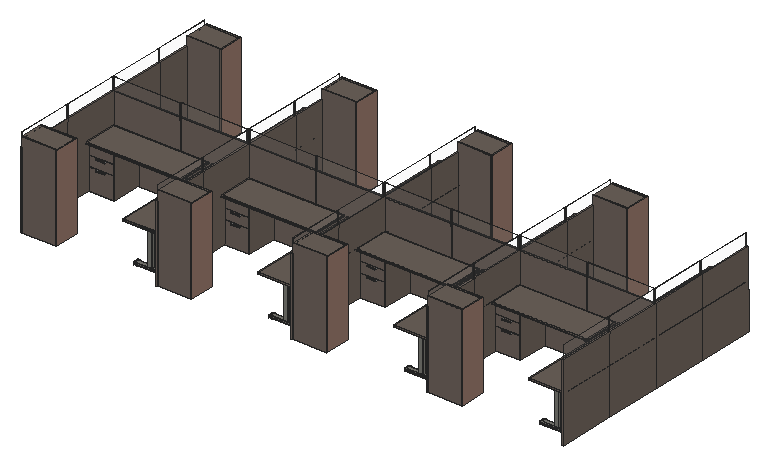
Revit family "OFS TYPICAL T200056", category Furniture, Revit 2022 (continued)
Definition of nested family "STAKS WORKSURFACE HEIGHT PEDESTAL - BOX-BOX-FILE - NO RISER SUPPORT"
  Parameters (values of type "STAKS WORKSURFACE HEIGHT PEDESTAL - BOX-BOX-FILE - NO RISER SUPPORT 19in D")
    URL = "http://www.ofs.com/"
    Riser Support = 0' - 0"
    Model = "6-NW1619MPD1"
    Manufacturer = "OFS"
    Height = 2' - 3 7/8"
    Drawer Material = none
    Drawer Handle Width = 0' - 5 7/16"
    Drawer Handle Material = none
    Description = "OFS STAKS WORKSURFACE HEIGHT PEDESTAL - BOX-BOX-FILE - NO RISER SUPPORT 19\" D, Two Box Drawers, Use with 22\"D Worksurfaces"
    Width = 1' - 3 5/8"
    Depth = 1' - 7 3/8"
    Default Elevation = 0' - 0"
    DH2 = 0' - 6 1/2"
    DH1 = 1' - 2 3/8"
    Copyright © = "© 2018 OFS"
    Chasis Material = none
    Catalog = "https://ofs.com/products/casegoods/private-office/staks"
    Board Thickness = 0' - 0 3/4"
    Authoring Version = "Autodesk Revit Architecture 2013"
    Assembly Code = "E2020200"
  Types (6): name | Model | Description | Depth
    STAKS WORKSURFACE HEIGHT PEDESTAL - BOX-BOX-FILE - NO RISER SUPPORT 19in D | "6-NW1619MPD1" | "OFS STAKS WORKSURFACE HEIGHT PEDESTAL - BOX-BOX-FILE - NO RISER SUPPORT 19\" D, Two Box Drawers, Use with 22\"D Worksurfaces" | 1' - 7 3/8"
    STAKS WORKSURFACE HEIGHT PEDESTAL - BOX-BOX-FILE - NO RISER SUPPORT 22in D | "6-NW1622MPD1" | "OFS STAKS WORKSURFACE HEIGHT PEDESTAL - BOX-BOX-FILE - NO RISER SUPPORT 22\" D, Two Box Drawers, Use with 22\"D Worksurfaces" | 1' - 9 7/8"
    STAKS WORKSURFACE HEIGHT PEDESTAL - BOX-BOX-FILE - NO RISER SUPPORT 27in D | "6-NW1627MPD1" | "OFS STAKS WORKSURFACE HEIGHT PEDESTAL - BOX-BOX-FILE - NO RISER SUPPORT 27\" D, Two Box Drawers, Use with 30\"D Worksurfaces" | 2' - 3 3/8"
    STAKS WORKSURFACE HEIGHT PEDESTAL - BOX-BOX-FILE - NO RISER SUPPORT 30in D | "6-NW1630MPD1" | "OFS STAKS WORKSURFACE HEIGHT PEDESTAL - BOX-BOX-FILE - NO RISER SUPPORT 30\" D, Two Box Drawers, Use with 30\"D Worksurfaces" | 2' - 5 7/8"
    STAKS WORKSURFACE HEIGHT PEDESTAL - BOX-BOX-FILE - NO RISER SUPPORT 33in D | "6-NW1633MPD1" | "OFS STAKS WORKSURFACE HEIGHT PEDESTAL - BOX-BOX-FILE - NO RISER SUPPORT 33\" D, Two Box Drawers, Use with 36\"D Worksurfaces" | 2' - 9 3/8"
    STAKS WORKSURFACE HEIGHT PEDESTAL - BOX-BOX-FILE - NO RISER SUPPORT 36in D | "6-NW1636MPD1" | "OFS STAKS WORKSURFACE HEIGHT PEDESTAL - BOX-BOX-FILE - NO RISER SUPPORT 36\" D, Two Box Drawers, Use with 36\"D Worksurfaces" | 2' - 11 7/8"
  Reference planes (in)
    plane 1: z = 0
    plane 2 "Right": x = 20.97711
    plane 3: z = 27.875
    plane 4: z = 14.375
    plane 5: z = 14.25
    plane 6: z = 0
    plane 7: z = 14
    plane 8: z = 27.625
    plane 9: z = 13.531
    plane 10: z = 27.15625
    plane 11: x = 13.16461
    plane 12: y = 1.37535
    plane 13: y = 0.62535
    plane 14: x = 13.22711
    plane 15: x = 28.72661
    plane 16: x = 13.91461
    plane 17: y = 20.00035
    plane 18: x = 28.78961
    plane 19: x = 28.03961
    plane 20: x = 18.25836
    plane 21: x = 18.63336
    plane 22: x = 23.69586
    plane 23: x = 23.32086
    plane 24: y = -0.18715
    plane 25: y = -0.37465
    plane 26: z = 20.875
    plane 27: z = 20.75
    plane 28: z = 20.5
    plane 29: z = 20.031
    plane 30: z = 0.25
    plane 31: y = 19.25035
    plane 32: z = 0.75
    plane 33: y = 16.75035
    plane 34: y = 4.37535
    plane 35: y = 8.37535
    plane 36: y = 12.75035
    plane 37: y = 5.00035
    plane 38: y = 13.37535
    plane 39: z = 28
  Forms (in)
    Extrusion 1, solid, material <- "Drawer Material"
      sketch origin (20.35211, 5, -13.1802) x (0, 1, 0) y (0, 0, 1)
        loop
          line (-4.37465, 27.4302) -> (-4.37465, 13.4302) -> (-3.62465, 13.4302) -> (-3.62465, 27.4302) -> (-4.37465, 27.4302)
      from -7.125 to 8.3745
    Extrusion 2, solid, material <- "Drawer Material"
      sketch origin (20.35211, 2.25, -7.68015) x (0, 1, 0) y (0, 0, 1)
        loop
          line (-1.62465, 28.43015) -> (-1.62465, 22.05515) -> (-0.87465, 22.05515) -> (-0.87465, 28.43015) -> (-1.62465, 28.43015)
      from -7.125 to 8.3745
    Extrusion 3, solid, material <- "Chasis Material"
      sketch origin (-3, -1.24965, 0) x (1, 0, 0) y (0, 0, 1)
        loop
          line (16.16461, 0) -> (16.91461, 0) -> (16.91461, 27.875) -> (16.16461, 27.875) -> (16.16461, 0)
      from -21.25 to -2.625
    Extrusion 4, solid, material <- "Chasis Material"
      sketch origin (19.35211, 31.02324, 0) x (0, 1, 0) y (0, 0, 1)
        loop
          line (-11.77289, 0) -> (-11.02289, 0) -> (-11.02289, 27.875) -> (-11.77289, 27.875) -> (-11.77289, 0)
      from -5.4375 to 8.6875
    Extrusion 5, solid, material <- "Drawer Handle Material"
      sketch origin (9, 0, 9.60933) x (1, 0, 0) y (0, 1, 0)
        loop
          line (9.25836, 0.62535) -> (9.25836, -0.37465) -> (14.69586, -0.37465) -> (14.69586, 0.62535) -> (14.32086, 0.62535) -> (14.32086, -0.18715) -> (9.63336, -0.18715) -> (9.63336, 0.62535) -> (9.25836, 0.62535)
      from 3.92167 to 4.39067
    Extrusion 6, solid, material <- "Drawer Handle Material"
      sketch origin (9, 0, 20.67137) x (1, 0, 0) y (0, 1, 0)
        loop
          line (9.25836, 0.62535) -> (9.25836, -0.37465) -> (14.69586, -0.37465) -> (14.69586, 0.62535) -> (14.32086, 0.62535) -> (14.32086, -0.18715) -> (9.63336, -0.18715) -> (9.63336, 0.62535) -> (9.25836, 0.62535)
      from -0.64037 to -0.17137
    Extrusion 7, solid, material <- "Chasis Material"
      sketch origin (0, 0, 0) x (1, 0, 0) y (0, 1, 0)
        loop
          line (28.78961, 20.00035) -> (28.03961, 20.00035) -> (28.03961, 1.37535) -> (28.78961, 1.37535) -> (28.78961, 20.00035)
      from 0 to 27.875
    Extrusion 8, solid, material <- "Drawer Material"
      sketch origin (20.35211, 2.25, 0.06985) x (0, 1, 0) y (0, 0, 1)
        loop
          line (-1.62465, 27.80515) -> (-1.62465, 20.80515) -> (-0.87465, 20.80515) -> (-0.87465, 27.80515) -> (-1.62465, 27.80515)
      from -7.125 to 8.3745
    Extrusion 9, solid, material <- "Drawer Handle Material"
      sketch origin (9, 0, 28.42137) x (1, 0, 0) y (0, 1, 0)
        loop
          line (9.25836, 0.62535) -> (9.25836, -0.37465) -> (14.69586, -0.37465) -> (14.69586, 0.62535) -> (14.32086, 0.62535) -> (14.32086, -0.18715) -> (9.63336, -0.18715) -> (9.63336, 0.62535) -> (9.25836, 0.62535)
      from -1.26512 to -0.79637
    Extrusion 10, solid, material <- "Chasis Material"
      sketch origin (-29.79592, -1.62465, 7.24693) x (1, 0, 0) y (0, 0, 1)
        loop
          line (43.71054, 19.90932) -> (57.83554, 19.90932) -> (57.83554, 20.62807) -> (43.71054, 20.62807) -> (43.71054, 19.90932)
      from -18.375 to -14.375
    Extrusion 11, solid, material <- "Chasis Material"
      sketch origin (-29.79592, -7.12465, 7.24693) x (1, 0, 0) y (0, 0, 1)
        loop
          line (43.71054, 19.90932) -> (57.83554, 19.90932) -> (57.83554, 20.62807) -> (43.71054, 20.62807) -> (43.71054, 19.90932)
      from -15.5 to -11.5
    Extrusion 12, solid, material <- "Chasis Material"
      sketch origin (-31.5409, -1.62465, -42.72261) x (1, 0, 0) y (0, 0, 1)
        loop
          line (45.45551, 42.72261) -> (59.58051, 42.72261) -> (59.58051, 43.47261) -> (45.45551, 43.47261) -> (45.45551, 42.72261)
      from -20.875 to -3
    Extrusion 13, solid
      sketch origin (0, 0, 0) x (1, 0, 0) y (0, 1, 0)
        loop
          line (28.72661, 20.00035) -> (28.03961, 20.00035) -> (28.03961, 13.37535) -> (13.91461, 13.37535) -> (13.91461, 20.00035) -> (13.22711, 20.00035) -> (13.22711, 0.62535) -> (13.91461, 0.62535) -> (13.91461, 4.37535) -> (28.03961, 4.37535) -> (28.03961, 0.62535) -> (28.72661, 0.62535) -> (28.72661, 20.00035)
        loop
          line (28.03961, 5.00035) -> (28.03961, 12.75035) -> (13.91461, 12.75035) -> (13.91461, 5.00035) -> (28.03961, 5.00035)
      from 27.875 to 28
  Dimensions and locks (in)
    "Board Thickness": plane 13 to plane 12
    locked: plane 11 to plane 14 at 0.0625
    "Board Thickness": plane 11 to plane 16
    locked: plane 15 to plane 18 at 0.063
    "Width": plane 11 to plane 18
    Extrusion 7 sketch curve to plane 18 = 0' - 0 3/4"
    "Board Thickness": plane 19 to plane 18
    equal spacing: plane 11, plane 2 "Right", plane 18
    locked: plane 20 to plane 21 at 0.375
    locked: plane 23 to plane 22 at 0.375
    equal spacing: plane 20, plane 2 "Right", plane 22
    "Drawer Handle Width": plane 20 to plane 22
    plane 25 to plane 24 to plane 13 = 0' - 0 3/16" locked, 0' - 0 13/16" locked
    "Riser Support": plane 6 to level
    "Height": plane 3 to plane 6
    "DH1": plane 4 to plane 6
    "DH2": plane 26 to plane 4
    locked: plane 30 to plane 6 at 0.25
    "Board Thickness": plane 31 to plane 17
    "Depth": plane 13 to plane 17
    plane 4 to plane 5 to plane 7 to plane 9 = 0' - 0 1/8" locked, 0' - 0 1/4" locked, 0' - 0.469" locked
    plane 26 to plane 27 to plane 28 to plane 29 = 0' - 0 1/8" locked, 0' - 0 1/4" locked, 0' - 0.469" locked
    plane 3 to plane 8 to plane 10 = 0' - 0 1/4" locked, 0' - 0 15/32" locked
    "Board Thickness": plane 32 to plane 6
    plane 12 to plane 34 to plane 35 = 0' - 3" locked, 0' - 4" locked
    plane 36 to plane 33 to plane 31 = 0' - 4" locked, 0' - 2 1/2" locked
    locked: plane 34 to plane 37 at 0.625
    locked: plane 36 to plane 38 at 0.625
    locked: plane 39 to plane 3 at 0.125
    aligned and locked: level to plane 1
    aligned and locked: Extrusion 1 to plane 14
    aligned and locked: plane 15 to Extrusion 1
    aligned and locked: Extrusion 2 to plane 12
    aligned and locked: plane 13 to Extrusion 2
    aligned and locked: plane 15 to Extrusion 2
    aligned and locked: Extrusion 2 to plane 14
    aligned and locked: plane 12 to Extrusion 3
    aligned and locked: Extrusion 3 to plane 17
    aligned and locked: Extrusion 4 to plane 16
    aligned and locked: plane 16 to Extrusion 3
    aligned and locked: Extrusion 3 to plane 11
    aligned and locked: Extrusion 4 to plane 17
    aligned and locked: Extrusion 1 sketch curve to plane 12
    aligned and locked: plane 13 to Extrusion 1 sketch curve
    aligned and locked: plane 19 to Extrusion 4
    aligned and locked: plane 3 to Extrusion 3
    aligned and locked: Extrusion 6 to plane 22
    aligned and locked: Extrusion 5 to plane 22
    aligned and locked: plane 23 to Extrusion 6
    aligned and locked: plane 23 to Extrusion 5
    aligned and locked: plane 21 to Extrusion 6
    aligned and locked: plane 21 to Extrusion 5
    aligned and locked: Extrusion 6 to plane 20
    aligned and locked: Extrusion 5 to plane 20
    aligned and locked: plane 24 to Extrusion 6
    aligned and locked: plane 7 to Extrusion 5
    aligned and locked: Extrusion 5 to plane 9
    aligned and locked: plane 3 to Extrusion 4
    aligned and locked: plane 27 to Extrusion 2
    aligned and locked: Extrusion 6 to plane 29
    aligned and locked: plane 28 to Extrusion 6
    aligned and locked: Extrusion 1 to plane 30
    aligned and locked: Extrusion 8 to plane 26
    aligned and locked: plane 3 to Extrusion 8
    aligned and locked: Extrusion 9 to plane 10
    aligned and locked: plane 8 to Extrusion 9
    aligned and locked: Extrusion 7 to plane 19
    aligned and locked: Extrusion 8 to plane 14
    aligned and locked: plane 15 to Extrusion 8
    aligned and locked: plane 3 to Extrusion 7
    aligned and locked: Extrusion 7 to plane 6
    aligned and locked: plane 3 to Extrusion 10
    aligned and locked: Extrusion 10 to plane 10
    aligned and locked: plane 19 to Extrusion 10
    aligned and locked: Extrusion 10 to plane 16
    aligned and locked: Extrusion 10 to plane 33
    aligned and locked: plane 36 to Extrusion 10
    aligned and locked: plane 34 to Extrusion 11
    aligned and locked: Extrusion 11 to plane 35
    aligned and locked: plane 3 to Extrusion 11
    aligned and locked: Extrusion 11 to plane 10
    aligned and locked: plane 32 to Extrusion 12
    aligned and locked: Extrusion 12 to plane 6
    aligned and locked: Extrusion 12 to plane 31
    aligned and locked: plane 12 to Extrusion 12
    aligned and locked: plane 19 to Extrusion 12
    aligned and locked: Extrusion 12 to plane 16
    aligned and locked: Extrusion 13 to plane 3
    aligned and locked: plane 39 to Extrusion 13
  Automatic sketch dimensions
    Extrusion 1 sketch curve to plane 30 = 0' - 0"
    Extrusion 1 sketch curve to plane 5 = 0' - 0"
    Extrusion 2 sketch curve to plane 13 = 0' - 0"
    Extrusion 2 sketch curve to plane 4 = 0' - 0"
    Extrusion 2 sketch curve to plane 12 = 0' - 0"
    Extrusion 2 sketch curve to plane 27 = 0' - 0"
    Extrusion 3 sketch curve to plane 6 = 0' - 0"
    Extrusion 3 sketch curve to plane 11 = 0' - 0"
    Extrusion 3 sketch curve to plane 3 = 0' - 0"
    Extrusion 3 sketch curve to plane 16 = 0' - 0"
    Extrusion 4 sketch curve to plane 6 = 0' - 0"
    Extrusion 4 sketch curve to plane 3 = 0' - 0"
    Extrusion 4 sketch curve to plane 17 = 0' - 0"
    plane 31 to Extrusion 4 sketch curve = 0' - 0"
    plane 13 to Extrusion 5 sketch curve = 0' - 0"  (x2)
    Extrusion 5 sketch curve to plane 20 = 0' - 0"
    Extrusion 5 sketch curve to plane 21 = 0' - 0"
    Extrusion 5 sketch curve to plane 23 = 0' - 0"
    Extrusion 5 sketch curve to plane 22 = 0' - 0"
    plane 25 to Extrusion 5 sketch curve = 0' - 0"
    plane 24 to Extrusion 5 sketch curve = 0' - 0"
    plane 13 to Extrusion 6 sketch curve = 0' - 0"  (x2)
    Extrusion 6 sketch curve to plane 20 = 0' - 0"
    Extrusion 6 sketch curve to plane 21 = 0' - 0"
    Extrusion 6 sketch curve to plane 23 = 0' - 0"
    Extrusion 6 sketch curve to plane 22 = 0' - 0"
    plane 25 to Extrusion 6 sketch curve = 0' - 0"
    plane 24 to Extrusion 6 sketch curve = 0' - 0"
    plane 12 to Extrusion 7 sketch curve = 0' - 0"
    Extrusion 7 sketch curve to plane 18 = 0' - 0"
    plane 17 to Extrusion 7 sketch curve = 0' - 0"
    Extrusion 8 sketch curve to plane 3 = 0' - 0"
    Extrusion 8 sketch curve to plane 13 = 0' - 0"
    Extrusion 8 sketch curve to plane 12 = 0' - 0"
    Extrusion 8 sketch curve to plane 26 = 0' - 0"
    plane 13 to Extrusion 9 sketch curve = 0' - 0"  (x2)
    Extrusion 9 sketch curve to plane 20 = 0' - 0"
    Extrusion 9 sketch curve to plane 21 = 0' - 0"
    Extrusion 9 sketch curve to plane 23 = 0' - 0"
    Extrusion 9 sketch curve to plane 22 = 0' - 0"
    plane 25 to Extrusion 9 sketch curve = 0' - 0"
    plane 24 to Extrusion 9 sketch curve = 0' - 0"
    Extrusion 10 sketch curve to plane 10 = 0' - 0"
    Extrusion 10 sketch curve to plane 16 = 0' - 0"
    Extrusion 10 sketch curve to plane 3 = 0' - 0"
    Extrusion 10 sketch curve to plane 19 = 0' - 0"
    Extrusion 11 sketch curve to plane 10 = 0' - 0"
    Extrusion 11 sketch curve to plane 16 = 0' - 0"
    Extrusion 11 sketch curve to plane 3 = 0' - 0"
    Extrusion 11 sketch curve to plane 19 = 0' - 0"
    plane 14 to Extrusion 12 sketch curve = 0' - 0 11/16"
    Extrusion 12 sketch curve to plane 6 = 0' - 0"
    plane 6 to Extrusion 12 sketch curve = 0' - 0 3/4"
    Extrusion 12 sketch curve to plane 19 = 0' - 0"
    Extrusion 13 sketch curve to plane 14 = 0' - 0"
    Extrusion 13 sketch curve to plane 19 = 0' - 0"  (x2)
    Extrusion 13 sketch curve to plane 15 = 0' - 0"
    plane 13 to Extrusion 13 sketch curve = 0' - 0"  (x2)
    Extrusion 13 sketch curve to plane 34 = 0' - 0"
    Extrusion 13 sketch curve to plane 37 = 0' - 0"
    Extrusion 13 sketch curve to plane 38 = 0' - 0"
    Extrusion 13 sketch curve to plane 36 = 0' - 0"
    Extrusion 13 sketch curve to Extrusion 13 sketch curve = 0' - 0"  (x2)
    Extrusion 13 sketch curve to plane 16 = 0' - 0"  (x2)
    plane 17 to Extrusion 13 sketch curve = 0' - 0"  (x2)
Definition of nested family "STAKS SPINE OR DIVIDER WALL 48in"
  Parameters (values of type "STAKS SPINE OR DIVIDER WALL 48in X 24in")
    URL = "http://www.ofs.com/"
    Height Above Floor [instance] = 4' - 0"
    Height = 4' - 0"
    Depth = 0' - 1"
    Model = "6-PAN-48/24"
    Manufacturer = "OFS"
    Description = "OFS STAKS SPINE OR DIVIDER WALL 48\" Height x 24\" Width, Levelers allow 2.5\" Height Adjustability for Uneven Floor"
    Width = 2' - 0"
    Default Elevation = 0' - 0"
    Copyright © = "© 2018 OFS"
    Catalog = "https://ofs.com/products/casegoods/private-office/staks"
    Authoring Version = "Autodesk Revit Architecture 2013"
    Assembly Code = "E2020200"
  Types (19): name | Model | Description | Width
    STAKS SPINE OR DIVIDER WALL 48in X 24in | "6-PAN-48/24" | "OFS STAKS SPINE OR DIVIDER WALL 48\" Height x 24\" Width, Levelers allow 2.5\" Height Adjustability for Uneven Floor" | 2' - 0"
    STAKS SPINE OR DIVIDER WALL 48in X 33in | "6-PAN-48/33" | "OFS STAKS SPINE OR DIVIDER WALL 48\" Height x 33\" Width, Levelers allow 2.5\" Height Adjustability for Uneven Floor" | 2' - 9"
    STAKS SPINE OR DIVIDER WALL 48in X 26in | "6-PAN-48/26" | "OFS STAKS SPINE OR DIVIDER WALL 48\" Height x 26\" Width, Levelers allow 2.5\" Height Adjustability for Uneven Floor" | 2' - 2"
    STAKS SPINE OR DIVIDER WALL 48in X 30in | "6-PAN-48/30" | "OFS STAKS SPINE OR DIVIDER WALL 48\" Height x 30\" Width, Levelers allow 2.5\" Height Adjustability for Uneven Floor" | 2' - 6"
    STAKS SPINE OR DIVIDER WALL 48in X 36in | "6-PAN-48/36" | "OFS STAKS SPINE OR DIVIDER WALL 48\" Height x 36\" Width, Levelers allow 2.5\" Height Adjustability for Uneven Floor" | 3' - 0"
    STAKS SPINE OR DIVIDER WALL 48in X 37in | "6-PAN-48/37" | "OFS STAKS SPINE OR DIVIDER WALL 48\" Height x 37\" Width, Levelers allow 2.5\" Height Adjustability for Uneven Floor" | 3' - 1"
    STAKS SPINE OR DIVIDER WALL 48in X 39in | "6-PAN-48/39" | "OFS STAKS SPINE OR DIVIDER WALL 48\" Height x 39\" Width, Levelers allow 2.5\" Height Adjustability for Uneven Floor" | 3' - 3"
    STAKS SPINE OR DIVIDER WALL 48in X 40in | "6-PAN-48/40" | "OFS STAKS SPINE OR DIVIDER WALL 48\" Height x 40\" Width, Levelers allow 2.5\" Height Adjustability for Uneven Floor" | 3' - 4"
    STAKS SPINE OR DIVIDER WALL 48in X 42in | "6-PAN-48/42" | "OFS STAKS SPINE OR DIVIDER WALL 48\" Height x 42\" Width, Levelers allow 2.5\" Height Adjustability for Uneven Floor" | 3' - 6"
    STAKS SPINE OR DIVIDER WALL 48in X 44in | "6-PAN-48/44" | "OFS STAKS SPINE OR DIVIDER WALL 48\" Height x 44\" Width, Levelers allow 2.5\" Height Adjustability for Uneven Floor" | 3' - 8"
    STAKS SPINE OR DIVIDER WALL 48in X 45in | "6-PAN-48/45" | "OFS STAKS SPINE OR DIVIDER WALL 48\" Height x 45\" Width, Levelers allow 2.5\" Height Adjustability for Uneven Floor" | 3' - 9"
    STAKS SPINE OR DIVIDER WALL 48in X 47in | "6-PAN-48/47" | "OFS STAKS SPINE OR DIVIDER WALL 48\" Height x 47\" Width, Levelers allow 2.5\" Height Adjustability for Uneven Floor" | 3' - 11"
    STAKS SPINE OR DIVIDER WALL 48in X 48in | "6-PAN-48/48" | "OFS STAKS SPINE OR DIVIDER WALL 48\" Height x 48\" Width, Levelers allow 2.5\" Height Adjustability for Uneven Floor" | 4' - 0"
    STAKS SPINE OR DIVIDER WALL 48in X 49in | "6-PAN-48/49" | "OFS STAKS SPINE OR DIVIDER WALL 48\" Height x 49\" Width, Levelers allow 2.5\" Height Adjustability for Uneven Floor" | 4' - 1"
    STAKS SPINE OR DIVIDER WALL 48in X 52in | "6-PAN-48/52" | "OFS STAKS SPINE OR DIVIDER WALL 48\" Height x 52\" Width, Levelers allow 2.5\" Height Adjustability for Uneven Floor" | 4' - 4"
    STAKS SPINE OR DIVIDER WALL 48in X 54in | "6-PAN-48/54" | "OFS STAKS SPINE OR DIVIDER WALL 48\" Height x 54\" Width, Levelers allow 2.5\" Height Adjustability for Uneven Floor" | 4' - 6"
    STAKS SPINE OR DIVIDER WALL 48in X 56in | "6-PAN-48/56" | "OFS STAKS SPINE OR DIVIDER WALL 48\" Height x 56\" Width, Levelers allow 2.5\" Height Adjustability for Uneven Floor" | 4' - 8"
    STAKS SPINE OR DIVIDER WALL 48in X 58in | "6-PAN-48/58" | "OFS STAKS SPINE OR DIVIDER WALL 48\" Height x 58\" Width, Levelers allow 2.5\" Height Adjustability for Uneven Floor" | 4' - 10"
    STAKS SPINE OR DIVIDER WALL 48in X 59in | "6-PAN-48/59" | "OFS STAKS SPINE OR DIVIDER WALL 48\" Height x 59\" Width, Levelers allow 2.5\" Height Adjustability for Uneven Floor" | 4' - 11"
  Reference planes (in)
    plane 1: z = -0.125
    plane 2 "LEFT": x = 7.55498
    plane 3 "RIGHT": x = 31.55498
    plane 4 "BACK": y = -1.83365
    plane 5 "FRONT": y = -2.83365
    plane 6: x = 7.67998
    plane 7: x = 31.42998
    plane 8: y = -1.95865
    plane 9: y = -2.70865
    plane 10: z = -0.125
    plane 11 "SURFACE TOP": z = 47.875
  Forms (in)
    Extrusion 1, solid
      sketch origin (0, 0, 17.125) x (-1, 0, 0) y (0, -1, 0)
        loop
          line (-7.55498, 1.83365) -> (-7.55498, 2.83365) -> (-31.55498, 2.83365) -> (-31.55498, 1.83365) -> (-7.55498, 1.83365)
      from 30.75 to -17.25
  Lines and regions (in)
    symbolic lines
      curve 1: line (7.55498, -1.83365, 47.875) -> (31.55498, -1.83365, 47.875)
      curve 2: line (7.55498, -2.83365, 47.875) -> (7.55498, -1.83365, 47.875)
      curve 3: line (31.55498, -2.83365, 47.875) -> (7.55498, -2.83365, 47.875)
      curve 4: line (31.55498, -1.83365, 47.875) -> (31.55498, -2.83365, 47.875)
  Dimensions and locks (in)
    "Depth": plane 4 "BACK" to plane 5 "FRONT"
    "Width": plane 2 "LEFT" to plane 3 "RIGHT"
    "Height": plane 11 "SURFACE TOP" to plane 10
    locked: plane 4 "BACK" to plane 8 at 0.125
    locked: plane 2 "LEFT" to plane 6 at 0.125
    locked: plane 7 to plane 3 "RIGHT" at 0.125
    locked: plane 9 to plane 5 "FRONT" at 0.125
    "Height Above Floor": plane 11 "SURFACE TOP" to level
    aligned: level to plane 1
    aligned and locked: plane 11 "SURFACE TOP" to Extrusion 1
    aligned and locked: Extrusion 1 to plane 10
    aligned and locked: plane 4 "BACK" to Extrusion 1 sketch curve
    aligned and locked: Extrusion 1 sketch curve to plane 2 "LEFT"
    aligned and locked: Extrusion 1 sketch curve to plane 5 "FRONT"
    aligned and locked: plane 3 "RIGHT" to Extrusion 1 sketch curve
    aligned and locked: curve 1 to Extrusion 1
    aligned and locked: curve 2 to Extrusion 1
    aligned and locked: curve 3 to Extrusion 1
    aligned and locked: curve 4 to Extrusion 1
Definition of nested family "STAKS DOUBLE SIDED FROSTED GLASS PRIVACY PANEL"
  Parameters (values of type "STAKS DOUBLE SIDED FROSTED GLASS PRIVACY PANEL 23 x 10")
    Width = 1' - 11"
    URL = "http://www.ofs.com/"
    Model = "6-PVPG-23/10"
    Manufacturer = "OFS"
    Height From Floor = 4' - 8"
    Height = 0' - 10"
    Description = "OFS STAKS DOUBLE SIDED FROSTED GLASS PRIVACY PANEL 23 x 10, Recessed 1.5\" Inside Wall Panel"
    Depth = 0' - 0 1/4"
    Default Elevation = 0' - 0"
    Copyright © = "© 2018 OFS"
    Catalog = "https://ofs.com/products/casegoods/private-office/staks"
    Shelf Material = none
    Authoring Version = "Autodesk Revit Architecture 2013"
    Assembly Code = "E2020200"
  Types (38): name | Width | Model | Height From Floor | Height | Description
    STAKS DOUBLE SIDED FROSTED GLASS PRIVACY PANEL 23 x 10 | 1' - 11" | "6-PVPG-23/10" | 4' - 8" | 0' - 10" | "OFS STAKS DOUBLE SIDED FROSTED GLASS PRIVACY PANEL 23 x 10, Recessed 1.5\" Inside Wall Panel"
    STAKS DOUBLE SIDED FROSTED GLASS PRIVACY PANEL 25 x 10 | 2' - 1" | "6-PVPG-25/10" | 4' - 8" | 0' - 10" | "OFS STAKS DOUBLE SIDED FROSTED GLASS PRIVACY PANEL 25 x 10, Recessed 1.5\" Inside Wall Panel"
    STAKS DOUBLE SIDED FROSTED GLASS PRIVACY PANEL 29 x 10 | 2' - 5" | "6-PVPG-29/10" | 4' - 8" | 0' - 10" | "OFS STAKS DOUBLE SIDED FROSTED GLASS PRIVACY PANEL 29 x 10, Recessed 1.5\" Inside Wall Panel"
    STAKS DOUBLE SIDED FROSTED GLASS PRIVACY PANEL 32 x 10 | 2' - 8" | "6-PVPG-32/10" | 4' - 8" | 0' - 10" | "OFS STAKS DOUBLE SIDED FROSTED GLASS PRIVACY PANEL 32 x 10, Recessed 1.5\" Inside Wall Panel"
    STAKS DOUBLE SIDED FROSTED GLASS PRIVACY PANEL 35 x 10 | 2' - 11" | "6-PVPG-35/10" | 4' - 8" | 0' - 10" | "OFS STAKS DOUBLE SIDED FROSTED GLASS PRIVACY PANEL 35 x 10, Recessed 1.5\" Inside Wall Panel"
    STAKS DOUBLE SIDED FROSTED GLASS PRIVACY PANEL 36 x 10 | 3' - 0" | "6-PVPG-36/10" | 4' - 8" | 0' - 10" | "OFS STAKS DOUBLE SIDED FROSTED GLASS PRIVACY PANEL 36 x 10, Recessed 1.5\" Inside Wall Panel"
    STAKS DOUBLE SIDED FROSTED GLASS PRIVACY PANEL 38 x 10 | 3' - 2" | "6-PVPG-38/10" | 4' - 8" | 0' - 10" | "OFS STAKS DOUBLE SIDED FROSTED GLASS PRIVACY PANEL 38 x 10, Recessed 1.5\" Inside Wall Panel"
    STAKS DOUBLE SIDED FROSTED GLASS PRIVACY PANEL 39 x 10 | 3' - 3" | "6-PVPG-39/10" | 4' - 8" | 0' - 10" | "OFS STAKS DOUBLE SIDED FROSTED GLASS PRIVACY PANEL 39 x 10, Recessed 1.5\" Inside Wall Panel"
    STAKS DOUBLE SIDED FROSTED GLASS PRIVACY PANEL 41 x 10 | 3' - 5" | "6-PVPG-41/10" | 4' - 8" | 0' - 10" | "OFS STAKS DOUBLE SIDED FROSTED GLASS PRIVACY PANEL 41 x 10, Recessed 1.5\" Inside Wall Panel"
    STAKS DOUBLE SIDED FROSTED GLASS PRIVACY PANEL 43 x 10 | 3' - 7" | "6-PVPG-43/10" | 4' - 8" | 0' - 10" | "OFS STAKS DOUBLE SIDED FROSTED GLASS PRIVACY PANEL 43 x 10, Recessed 1.5\" Inside Wall Panel"
    STAKS DOUBLE SIDED FROSTED GLASS PRIVACY PANEL 44 x 10 | 3' - 8" | "6-PVPG-44/10" | 4' - 8" | 0' - 10" | "OFS STAKS DOUBLE SIDED FROSTED GLASS PRIVACY PANEL 44 x 10, Recessed 1.5\" Inside Wall Panel"
    STAKS DOUBLE SIDED FROSTED GLASS PRIVACY PANEL 46 x 10 | 3' - 10" | "6-PVPG-46/10" | 4' - 8" | 0' - 10" | "OFS STAKS DOUBLE SIDED FROSTED GLASS PRIVACY PANEL 46 x 10, Recessed 1.5\" Inside Wall Panel"
    STAKS DOUBLE SIDED FROSTED GLASS PRIVACY PANEL 47 x 10 | 3' - 11" | "6-PVPG-47/10" | 4' - 8" | 0' - 10" | "OFS STAKS DOUBLE SIDED FROSTED GLASS PRIVACY PANEL 47 x 10, Recessed 1.5\" Inside Wall Panel"
    STAKS DOUBLE SIDED FROSTED GLASS PRIVACY PANEL 48 x 10 | 4' - 0" | "6-PVPG-48/10" | 4' - 8" | 0' - 10" | "OFS STAKS DOUBLE SIDED FROSTED GLASS PRIVACY PANEL 48 x 10, Recessed 1.5\" Inside Wall Panel"
    STAKS DOUBLE SIDED FROSTED GLASS PRIVACY PANEL 51 x 10 | 4' - 3" | "6-PVPG-51/10" | 4' - 8" | 0' - 10" | "OFS STAKS DOUBLE SIDED FROSTED GLASS PRIVACY PANEL 51 x 10, Recessed 1.5\" Inside Wall Panel"
    STAKS DOUBLE SIDED FROSTED GLASS PRIVACY PANEL 53 x 10 | 4' - 5" | "6-PVPG-53/10" | 4' - 8" | 0' - 10" | "OFS STAKS DOUBLE SIDED FROSTED GLASS PRIVACY PANEL 53 x 10, Recessed 1.5\" Inside Wall Panel"
    STAKS DOUBLE SIDED FROSTED GLASS PRIVACY PANEL 55 x 10 | 4' - 7" | "6-PVPG-55/10" | 4' - 8" | 0' - 10" | "OFS STAKS DOUBLE SIDED FROSTED GLASS PRIVACY PANEL 55 x 10, Recessed 1.5\" Inside Wall Panel"
    STAKS DOUBLE SIDED FROSTED GLASS PRIVACY PANEL 57 x 10 | 4' - 9" | "6-PVPG-57/10" | 4' - 8" | 0' - 10" | "OFS STAKS DOUBLE SIDED FROSTED GLASS PRIVACY PANEL 57 x 10, Recessed 1.5\" Inside Wall Panel"
    STAKS DOUBLE SIDED FROSTED GLASS PRIVACY PANEL 58 x 10 | 4' - 10" | "6-PVPG-58/10" | 4' - 8" | 0' - 10" | "OFS STAKS DOUBLE SIDED FROSTED GLASS PRIVACY PANEL 58 x 10, Recessed 1.5\" Inside Wall Panel"
    STAKS DOUBLE SIDED FROSTED GLASS PRIVACY PANEL 23 x 13 | 1' - 11" | "6-PVPG-23/13" | 4' - 11" | 1' - 1" | "OFS STAKS DOUBLE SIDED FROSTED GLASS PRIVACY PANEL 23 x 13, Recessed 1.5\" Inside Wall Panel"
    STAKS DOUBLE SIDED FROSTED GLASS PRIVACY PANEL 25 x 13 | 2' - 1" | "6-PVPG-25/13" | 4' - 11" | 1' - 1" | "OFS STAKS DOUBLE SIDED FROSTED GLASS PRIVACY PANEL 25 x 13, Recessed 1.5\" Inside Wall Panel"
    STAKS DOUBLE SIDED FROSTED GLASS PRIVACY PANEL 29 x 13 | 2' - 5" | "6-PVPG-29/13" | 4' - 11" | 1' - 1" | "OFS STAKS DOUBLE SIDED FROSTED GLASS PRIVACY PANEL 29 x 13, Recessed 1.5\" Inside Wall Panel"
    STAKS DOUBLE SIDED FROSTED GLASS PRIVACY PANEL 32 x 13 | 2' - 8" | "6-PVPG-32/13" | 4' - 11" | 1' - 1" | "OFS STAKS DOUBLE SIDED FROSTED GLASS PRIVACY PANEL 32 x 13, Recessed 1.5\" Inside Wall Panel"
    STAKS DOUBLE SIDED FROSTED GLASS PRIVACY PANEL 35 x 13 | 2' - 11" | "6-PVPG-35/13" | 4' - 11" | 1' - 1" | "OFS STAKS DOUBLE SIDED FROSTED GLASS PRIVACY PANEL 35 x 13, Recessed 1.5\" Inside Wall Panel"
    STAKS DOUBLE SIDED FROSTED GLASS PRIVACY PANEL 36 x 13 | 3' - 0" | "6-PVPG-36/13" | 4' - 11" | 1' - 1" | "OFS STAKS DOUBLE SIDED FROSTED GLASS PRIVACY PANEL 36 x 13, Recessed 1.5\" Inside Wall Panel"
    STAKS DOUBLE SIDED FROSTED GLASS PRIVACY PANEL 38 x 13 | 3' - 2" | "6-PVPG-38/13" | 4' - 11" | 1' - 1" | "OFS STAKS DOUBLE SIDED FROSTED GLASS PRIVACY PANEL 38 x 13, Recessed 1.5\" Inside Wall Panel"
    STAKS DOUBLE SIDED FROSTED GLASS PRIVACY PANEL 39 x 13 | 3' - 3" | "6-PVPG-39/13" | 4' - 11" | 1' - 1" | "OFS STAKS DOUBLE SIDED FROSTED GLASS PRIVACY PANEL 39 x 13, Recessed 1.5\" Inside Wall Panel"
    STAKS DOUBLE SIDED FROSTED GLASS PRIVACY PANEL 41 x 13 | 3' - 5" | "6-PVPG-41/13" | 4' - 11" | 1' - 1" | "OFS STAKS DOUBLE SIDED FROSTED GLASS PRIVACY PANEL 41 x 13, Recessed 1.5\" Inside Wall Panel"
    STAKS DOUBLE SIDED FROSTED GLASS PRIVACY PANEL 43 x 13 | 3' - 7" | "6-PVPG-43/13" | 4' - 11" | 1' - 1" | "OFS STAKS DOUBLE SIDED FROSTED GLASS PRIVACY PANEL 43 x 13, Recessed 1.5\" Inside Wall Panel"
    STAKS DOUBLE SIDED FROSTED GLASS PRIVACY PANEL 44 x 13 | 3' - 8" | "6-PVPG-44/13" | 4' - 11" | 1' - 1" | "OFS STAKS DOUBLE SIDED FROSTED GLASS PRIVACY PANEL 44 x 13, Recessed 1.5\" Inside Wall Panel"
    STAKS DOUBLE SIDED FROSTED GLASS PRIVACY PANEL 46 x 13 | 3' - 10" | "6-PVPG-46/13" | 4' - 11" | 1' - 1" | "OFS STAKS DOUBLE SIDED FROSTED GLASS PRIVACY PANEL 46 x 13, Recessed 1.5\" Inside Wall Panel"
    STAKS DOUBLE SIDED FROSTED GLASS PRIVACY PANEL 47 x 13 | 3' - 11" | "6-PVPG-47/13" | 4' - 11" | 1' - 1" | "OFS STAKS DOUBLE SIDED FROSTED GLASS PRIVACY PANEL 47 x 13, Recessed 1.5\" Inside Wall Panel"
    STAKS DOUBLE SIDED FROSTED GLASS PRIVACY PANEL 48 x 13 | 4' - 0" | "6-PVPG-48/13" | 4' - 11" | 1' - 1" | "OFS STAKS DOUBLE SIDED FROSTED GLASS PRIVACY PANEL 48 x 13, Recessed 1.5\" Inside Wall Panel"
    STAKS DOUBLE SIDED FROSTED GLASS PRIVACY PANEL 51 x 13 | 4' - 3" | "6-PVPG-51/13" | 4' - 11" | 1' - 1" | "OFS STAKS DOUBLE SIDED FROSTED GLASS PRIVACY PANEL 51 x 13, Recessed 1.5\" Inside Wall Panel"
    STAKS DOUBLE SIDED FROSTED GLASS PRIVACY PANEL 53 x 13 | 4' - 5" | "6-PVPG-53/13" | 4' - 11" | 1' - 1" | "OFS STAKS DOUBLE SIDED FROSTED GLASS PRIVACY PANEL 53 x 13, Recessed 1.5\" Inside Wall Panel"
    STAKS DOUBLE SIDED FROSTED GLASS PRIVACY PANEL 55 x 13 | 4' - 7" | "6-PVPG-55/13" | 4' - 11" | 1' - 1" | "OFS STAKS DOUBLE SIDED FROSTED GLASS PRIVACY PANEL 55 x 13, Recessed 1.5\" Inside Wall Panel"
    STAKS DOUBLE SIDED FROSTED GLASS PRIVACY PANEL 57 x 13 | 4' - 9" | "6-PVPG-57/13" | 4' - 11" | 1' - 1" | "OFS STAKS DOUBLE SIDED FROSTED GLASS PRIVACY PANEL 57 x 13, Recessed 1.5\" Inside Wall Panel"
    STAKS DOUBLE SIDED FROSTED GLASS PRIVACY PANEL 58 x 13 | 4' - 10" | "6-PVPG-58/13" | 4' - 11" | 1' - 1" | "OFS STAKS DOUBLE SIDED FROSTED GLASS PRIVACY PANEL 58 x 13, Recessed 1.5\" Inside Wall Panel"
  Reference planes (in)
    plane 1: z = 0
    plane 2 "Center (Front/Back)": y = 2.75035
    plane 3 "LEFT": x = -28
    plane 4 "BASE TOP": z = 56
    plane 5 "RIGHT": x = -5
    plane 6: z = 46
    plane 7: y = 2.87535
    plane 8 "CENTER": x = -16.5
    plane 9: y = 2.62535
  Forms (in)
    Extrusion 1, solid, material <- "Shelf Material"
      sketch origin (0, 2.75035, 0) x (1, 0, 0) y (0, 0, 1)
        loop
          line (-28, 56) -> (-28, 46) -> (-5, 46) -> (-5, 56) -> (-28, 56)
      from -0.125 to 0.125
  Dimensions and locks (in)
    "Height From Floor": plane 4 "BASE TOP" to plane 1
    "Height": plane 4 "BASE TOP" to plane 6
    equal spacing: plane 3 "LEFT", plane 8 "CENTER", plane 5 "RIGHT"
    equal spacing: plane 9, plane 2 "Center (Front/Back)", plane 7
    "Width": plane 3 "LEFT" to plane 5 "RIGHT"
    "Depth": plane 9 to plane 7
    aligned and locked: level to plane 1
    aligned and locked: Extrusion 1 sketch curve to plane 4 "BASE TOP"
    aligned and locked: plane 3 "LEFT" to Extrusion 1 sketch curve
    aligned and locked: Extrusion 1 sketch curve to plane 6
    aligned and locked: Extrusion 1 sketch curve to plane 5 "RIGHT"
    aligned and locked: Extrusion 1 to plane 7
    aligned and locked: plane 9 to Extrusion 1
Definition of nested family "STAKS BENCHING CANTILEVER WORKSURFACE BRACKET - OPEN"
  Parameters (values of type "STAKS CANTILEVER WORKSURFACE BRACKET - OPEN 36in")
    Width = 0' - 1 1/2"
    URL = "http://www.ofs.com/"
    Model = "OWSBKT36"
    Manufacturer = "OFS"
    Height From Floor = 2' - 3 7/8"
    Height = 0' - 7"
    Description = "OFS STAKS BENCHING CANTILEVER WORKSURFACE BRACKET - Open Cantilever Worksurface Bracket for 36\"W Top"
    Depth = 2' - 4"
    Default Elevation = 0' - 0"
    Copyright © = "© 2018 OFS"
    Catalog = "https://ofs.com/products/open-plan/benching/staks"
    Bracket Material = none
    Authoring Version = "Autodesk Revit Architecture 2013"
    Assembly Code = "E2020200"
    Alpha = 0' - 1"
  Types (4): name | URL | Model | Manufacturer | Description | Depth | Copyright © | Catalog | Alpha
    CANTILEVER WORKSURFACE BRACKET - OPEN 14in | "http://www.ofsbrands.com/" | "OWSBKT14" | "FIRST OFFICE" | "OFS BRANDS FIRST OFFICE STAKS BENCHING CANTILEVER WORKSURFACE BRACKET - Open Cantilever Worksurface Bracket for 14\"W Top" | 0' - 11" | "© 2018 OFS BRANDS" | "http://www.firstoffice.com/products/crossover/staks_benching/" | 0' - 0 1/2"
    CANTILEVER WORKSURFACE BRACKET - OPEN 22in | "http://www.ofsbrands.com/" | "OWSBKT22" | "FIRST OFFICE" | "OFS BRANDS FIRST OFFICE STAKS BENCHING CANTILEVER WORKSURFACE BRACKET - Open Cantilever Worksurface Bracket for 22\"W Top" | 1' - 4" | "© 2018 OFS BRANDS" | "http://www.firstoffice.com/products/crossover/staks_benching/" | 0' - 0 5/8"
    CANTILEVER WORKSURFACE BRACKET - OPEN 30in | "http://www.ofsbrands.com/" | "OWSBKT30" | "FIRST OFFICE" | "OFS BRANDS FIRST OFFICE STAKS BENCHING CANTILEVER WORKSURFACE BRACKET - Open Cantilever Worksurface Bracket for 30\"W Top" | 1' - 10" | "© 2018 OFS BRANDS" | "http://www.firstoffice.com/products/crossover/staks_benching/" | 0' - 0 7/8"
    STAKS CANTILEVER WORKSURFACE BRACKET - OPEN 36in | "http://www.ofs.com/" | "OWSBKT36" | "OFS" | "OFS STAKS BENCHING CANTILEVER WORKSURFACE BRACKET - Open Cantilever Worksurface Bracket for 36\"W Top" | 2' - 4" | "© 2018 OFS" | "https://ofs.com/products/open-plan/benching/staks" | 0' - 1"
  Reference planes (in)
    plane 1: z = 0
    plane 2 "Center (Front/Back)": y = -11.12465
    plane 3 "LEFT": x = -17.25
    plane 4 "BASE TOP": z = 27.875
    plane 5 "RIGHT": x = -15.75
    plane 6: z = 20.875
    plane 7: y = 2.87535
    plane 8 "CENTER": x = -16.5
    plane 9: y = -25.12465
    plane 10: z = 25.875
    plane 11: y = 0.87535
    plane 12: z = 21.375
    plane 13: y = -24.62465
    plane 14: x = -16.375
    plane 15: x = -16.625
    plane 16: y = -23.62465
  Forms (in)
    Extrusion 1, solid, material <- "Bracket Material"
      sketch origin (-16.5, 0, 0) x (0, 1, 0) y (0, 0, 1)
        loop
          line (-25.12465, 27.875) -> (-25.12465, 27.82031) -> (0.8527, 27.82031) -> (2.82066, 25.85235) -> (2.82066, 20.875) -> (2.87535, 20.875) -> (2.87535, 25.875) -> (0.87535, 27.875) -> (-25.12465, 27.875)
      from -0.75 to 0.75
    Extrusion 2, solid
      sketch origin (-16.5, 0, 0) x (0, 1, 0) y (0, 0, 1)
        loop
          line (2.82066, 21.375) -> (2.82066, 21.66876) -> (-23.62465, 27.82031) -> (-24.62465, 27.82031) -> (2.82066, 21.375)
      from -0.125 to 0.125
    Extrusion 3, void
      sketch origin (0, -11.12465, 0) x (1, 0, 0) y (0, 0, 1)
        loop
          circle (-16.99183, 23.37543) r 0.09375
        loop
          circle (-16.99183, 25.56923) r 0.09375
        loop
          circle (-16.99183, 21.18077) r 0.09375
        loop
          line (-16.10192, 24.58008) -> (-16.10192, 24.41381)
          arc (-16.10192, 24.41381) -> (-16.00817, 24.32006) -> (-15.91442, 24.41381) r 0.09375
          line (-15.91442, 24.41381) -> (-15.91442, 24.58008)
          arc (-15.91442, 24.58008) -> (-16.00817, 24.67383) -> (-16.10192, 24.58008) r 0.09375
        loop
          arc (-16.10192, 22.16992) -> (-16.00817, 22.07617) -> (-15.91442, 22.16992) r 0.09375
          line (-15.91442, 22.16992) -> (-15.91442, 22.33619)
          arc (-15.91442, 22.33619) -> (-16.00817, 22.42994) -> (-16.10192, 22.33619) r 0.09375
          line (-16.10192, 22.33619) -> (-16.10192, 22.16992)
      from -14 to -3.47735
    Extrusion 4, void
      sketch origin (0, 0, 0) x (1, 0, 0) y (0, 1, 0)
        loop
          circle (-16.93617, 0.25038) r 0.09375
        loop
          circle (-16.06383, -1.74962) r 0.09375
        loop
          circle (-16.93617, -3.74962) r 0.09375
        loop
          circle (-16.06383, -5.74962) r 0.09375
        loop
          circle (-16.93617, -7.74962) r 0.09375
        loop
          circle (-16.06383, -9.74962) r 0.09375
        loop
          circle (-16.93617, -11.74962) r 0.09375
        loop
          circle (-16.06383, -13.74962) r 0.09375
        loop
          circle (-16.93617, -15.74962) r 0.09375
        loop
          circle (-16.06383, -17.74962) r 0.09375
        loop
          circle (-16.93617, -19.74962) r 0.09375
        loop
          circle (-16.06383, -21.74962) r 0.09375
        loop
          circle (-16.93617, -23.74962) r 0.09375
        loop
          circle (-16.06383, -25.74962) r 0.09375
        loop
          circle (-16.93617, -27.74962) r 0.09375
        loop
          circle (-16.06383, -29.74962) r 0.09375
      from 25.0365 to 29.23009
    Extrusion 5, void
      sketch origin (0, 0, 0) x (1, 0, 0) y (0, 1, 0)
        loop
          circle (-16.93617, 0.25038) r 0.09375
        loop
          circle (-16.06383, -1.74962) r 0.09375
        loop
          circle (-16.93617, -3.74962) r 0.09375
        loop
          circle (-16.06383, -5.74962) r 0.09375
        loop
          circle (-16.93617, -7.74962) r 0.09375
        loop
          circle (-16.06383, -9.74962) r 0.09375
        loop
          circle (-16.93617, -11.74962) r 0.09375
        loop
          circle (-16.06383, -13.74962) r 0.09375
        loop
          circle (-16.93617, -15.74962) r 0.09375
        loop
          circle (-16.06383, -17.74962) r 0.09375
        loop
          circle (-16.93617, -19.74962) r 0.09375
        loop
          circle (-16.06383, -21.74962) r 0.09375
        loop
          circle (-16.93617, -23.74962) r 0.09375
        loop
          circle (-16.06383, -25.74962) r 0.09375
        loop
          circle (-16.93617, -27.74962) r 0.09375
        loop
          circle (-16.06383, -29.74962) r 0.09375
      from 25.0365 to 29.23009
  Cuts and joins
    Extrusion 3, Extrusion 4 cuts Extrusion 1
  Dimensions and locks (in)
    "Height From Floor": plane 4 "BASE TOP" to plane 1
    "Height": plane 4 "BASE TOP" to plane 6
    equal spacing: plane 3 "LEFT", plane 8 "CENTER", plane 5 "RIGHT"
    equal spacing: plane 9, plane 2 "Center (Front/Back)", plane 7
    "Width": plane 3 "LEFT" to plane 5 "RIGHT"
    "Depth": plane 9 to plane 7
    locked: plane 4 "BASE TOP" to plane 10 at 2
    locked: plane 7 to plane 11 at 2
    locked: plane 13 to plane 9 at 0.5
    locked: plane 6 to plane 12 at 0.5
    plane 14 to plane 8 "CENTER" to plane 15 = 0' - 0 1/8" locked, 0' - 0 1/8" locked
    "Alpha": plane 16 to plane 13
    aligned and locked: level to plane 1
    aligned and locked: Extrusion 1 sketch curve to plane 4 "BASE TOP"
    aligned and locked: plane 7 to Extrusion 1 sketch curve
    aligned and locked: plane 9 to Extrusion 1 sketch curve
    aligned and locked: plane 6 to Extrusion 1 sketch curve
    aligned and locked: Extrusion 1 to plane 3 "LEFT"
    aligned and locked: plane 5 "RIGHT" to Extrusion 1
    aligned and locked: Extrusion 2 sketch curve to Extrusion 1
    aligned and locked: plane 15 to Extrusion 2
    aligned and locked: plane 14 to Extrusion 2
    aligned and locked: Extrusion 1 to Extrusion 2 sketch curve
    aligned and locked: Extrusion 3 to plane 7
  Automatic sketch dimensions
    plane 7 to Extrusion 1 sketch curve = 0' - 0 7/128"
    Extrusion 1 sketch curve to plane 11 = 0' - 0"
    plane 10 to Extrusion 1 sketch curve = 0' - 0"
    plane 11 to Extrusion 1 sketch curve = 0' - 0.02265"
    plane 10 to Extrusion 1 sketch curve = 0' - 0.02265"
    plane 4 "BASE TOP" to Extrusion 1 sketch curve = 0' - 0 7/128"
    Extrusion 2 sketch curve to plane 13 = 0' - 0"
    plane 12 to Extrusion 2 sketch curve = 0' - 0"
    Extrusion 2 sketch curve to plane 16 = 0' - 0"
    Extrusion 2 sketch curve to Extrusion 2 sketch curve = 0' - 0.29376"
    plane 14 to Extrusion 3 sketch curve = 0' - 0.27308"
    Extrusion 3 sketch curve to plane 5 "RIGHT" = 0' - 0.16442"  (x2)
    Extrusion 3 sketch curve to plane 12 = 0' - 0.79492"
    Extrusion 3 sketch curve to Extrusion 3 sketch curve = 0' - 0 3/16"
    plane 3 "LEFT" to Extrusion 3 sketch curve = 0' - 0.25817"  (x3)
    Extrusion 3 sketch curve to Extrusion 3 sketch curve = 0' - 0.16626"  (x2)
    plane 10 to Extrusion 3 sketch curve = 0' - 1.46119"
    plane 12 to Extrusion 3 sketch curve = 0' - 0.19423"
    Extrusion 3 sketch curve to Extrusion 3 sketch curve = 0' - 1.03838"
    plane 10 to Extrusion 3 sketch curve = 0' - 0.30577"
    Extrusion 4 sketch curve to Extrusion 4 sketch curve = 0' - 2"  (x15)
    Extrusion 4 sketch curve to Extrusion 4 sketch curve = 0' - 0"  (x7)
    Extrusion 4 sketch curve to Extrusion 4 sketch curve = 0' - 0.87233"  (x8)
    Extrusion 5 sketch curve to Extrusion 5 sketch curve = 0' - 2"  (x15)
    Extrusion 5 sketch curve to Extrusion 5 sketch curve = 0' - 0"  (x7)
    Extrusion 5 sketch curve to Extrusion 5 sketch curve = 0' - 0.87233"  (x8)
    radius of Extrusion 3 sketch curve = 0' - 0 3/32"  (x3)
    radius of Extrusion 4 sketch curve = 0' - 0 3/32"  (x16)
    radius of Extrusion 5 sketch curve = 0' - 0 3/32"  (x16)
Definition of nested family "STAKS CENTER ELECTRIC ADJUSTABLE HEIGHT BASE Rectangular"
  Parameters (values of type "STAKS CENTER ELECTRIC ADJUSTABLE HEIGHT BASE 24in Rectangular")
    Width = 0' - 3"
    URL = "http://www.ofs.com/"
    Leg Caps Material = none
    Depth = 1' - 8"
    Model = "HA24CRE"
    Manufacturer = "OFS"
    Height [instance] = 2' - 3 7/8"
    Description = "OFS STAKS CENTER ELECTRIC ADJUSTABLE HEIGHT BASE 24in Rectangular, Use with 20\" - 24\"D Rectangular Top"
    Default Elevation = 0' - 0"
    Copyright © = "© 2018 OFS"
    Column and Legs Material = none
    Catalog = "https://ofs.com/products/casegoods/private-office/staks"
    Authoring Version = "Autodesk Revit Architecture 2013"
    Assembly Code = "E2020200"
  Types (2): name | Depth | Model | Description
    STAKS CENTER ELECTRIC ADJUSTABLE HEIGHT BASE 24in Rectangular | 1' - 8" | "HA24CRE" | "OFS STAKS CENTER ELECTRIC ADJUSTABLE HEIGHT BASE 24in Rectangular, Use with 20\" - 24\"D Rectangular Top"
    STAKS CENTER ELECTRIC ADJUSTABLE HEIGHT BASE 30in Rectangular | 2' - 2" | "HA30CRE" | "OFS STAKS CENTER ELECTRIC ADJUSTABLE HEIGHT BASE 30in Rectangular, Use with 24.125\" - 30\"D Rectangular Top"
  Reference planes (in)
    plane 1: z = 0
    plane 2 "Center (Front/Back)": y = -2.62465
    plane 3 "Center (Left/Right)": x = -18
    plane 4 "H LEG TOP": z = 27.875
    plane 5: x = -15
    plane 6: x = -13.5
    plane 7: y = -12.62465
    plane 8: y = 7.37535
    plane 9 "CENTER": x = -16.5
    plane 10: z = 1.955
    plane 11: z = 0.455
    plane 12: x = -17.5
    plane 13: x = -15.5
    plane 14: y = 6.12535
    plane 15: y = -11.37465
    plane 16: y = -1.12465
    plane 17: y = -4.12465
    plane 18: z = 25.34078
    plane 19: z = 25.875
    plane 20: z = 26.875
    plane 21: y = -4.49965
    plane 22: y = -0.74965
    plane 23: y = -5.99965
    plane 24: y = 0.75035
    plane 25: x = -17.63484
    plane 26: x = -19.13484
    plane 27: y = -12.49965
    plane 28: y = 7.25035
  Forms (in)
    Extrusion 1, solid
      sketch origin (8.306, -1.24965, 17.75) x (0, 0, 1) y (-1, 0, 0)
        loop
          line (-15.795, 26.306) -> (-17.295, 26.306) -> (-17.295, 23.306) -> (-15.795, 23.306) -> (-15.795, 26.306)
      from -8.625 to -8.5
    Revolve 2, solid, material <- "Leg Caps Material"
      sketch origin (-10.53974, 6.12535, 0) x (-1, 0, 0) y (0, 0, 1)
        loop
          line (5.96026, 0.455) -> (5.96026, 0) -> (6.64775, 0) -> (6.64775, 0.19198) -> (6.24151, 0.36125) -> (6.24151, 0.455) -> (5.96026, 0.455)
        axis (5.96026, 0) -> (5.96026, 0.455)
      angle from 0 to 360
    Revolve 3, solid, material <- "Leg Caps Material"
      sketch origin (-10.53974, -11.37465, 0) x (-1, 0, 0) y (0, 0, -1)
        loop
          line (5.96026, -0.455) -> (6.24151, -0.455) -> (6.24151, -0.36125) -> (6.64775, -0.19198) -> (6.64775, 0) -> (5.96026, 0) -> (5.96026, -0.455)
        axis (5.96026, 0) -> (5.96026, -0.455)
      angle from 0 to 360
    Extrusion 4, solid, material <- "Column and Legs Material"
      sketch origin (0, 0, 27.875) x (0, -1, 0) y (1, 0, 0)
        loop
          arc (1.12465, -17.25) -> (1.19787, -17.42678) -> (1.37465, -17.5) r 0.25
          line (1.37465, -17.5) -> (3.87465, -17.5)
          arc (3.87465, -17.5) -> (4.05143, -17.42678) -> (4.12465, -17.25) r 0.25
          line (4.12465, -17.25) -> (4.12465, -15.75)
          arc (4.12465, -15.75) -> (4.05143, -15.57322) -> (3.87465, -15.5) r 0.25
          line (3.87465, -15.5) -> (1.37465, -15.5)
          arc (1.37465, -15.5) -> (1.19787, -15.57322) -> (1.12465, -15.75) r 0.25
          line (1.12465, -15.75) -> (1.12465, -17.25)
      from -25.92 to -2.53422
    Extrusion 5, solid, material <- "Column and Legs Material"
      sketch origin (19.74279, 0.10259, 27.875) x (0, -1, 0) y (1, 0, 0)
        loop
          line (0.85224, -30.69457) -> (0.85224, -37.12762)
          arc (0.85224, -37.12762) -> (0.92547, -37.3044) -> (1.10224, -37.37762) r 0.25
          line (1.10224, -37.37762) -> (4.35224, -37.37762)
          arc (4.35224, -37.37762) -> (4.52902, -37.3044) -> (4.60224, -37.12762) r 0.25
          line (4.60224, -37.12762) -> (4.60224, -30.69457)
          arc (4.60224, -30.69457) -> (4.52902, -30.5178) -> (4.35224, -30.44457) r 0.25
          line (4.35224, -30.44457) -> (1.10224, -30.44457)
          arc (1.10224, -30.44457) -> (0.92547, -30.5178) -> (0.85224, -30.69457) r 0.25
      from -1 to 0
    Blend 6, solid, material <- "Column and Legs Material"
      base sketch origin (0, 0, 27.875) x (0, -1, 0) y (1, 0, 0)
        loop
          line (4.24965, -10.70179) -> (0.99965, -10.70179)
          arc (0.99965, -10.70179) -> (0.82287, -10.77501) -> (0.74965, -10.95179) r 0.25
          line (0.74965, -10.95179) -> (0.74965, -17.38484)
          arc (0.74965, -17.38484) -> (0.82287, -17.56161) -> (0.99965, -17.63484) r 0.25
          line (0.99965, -17.63484) -> (4.24965, -17.63484)
          arc (4.24965, -17.63484) -> (4.42643, -17.56161) -> (4.49965, -17.38484) r 0.25
          line (4.49965, -17.38484) -> (4.49965, -10.95179)
          arc (4.49965, -10.95179) -> (4.42643, -10.77501) -> (4.24965, -10.70179) r 0.25
      top sketch origin (0, 0, 27.875) x (0, -1, 0) y (1, 0, 0)
        loop
          arc (4.12465, -11.45179) -> (4.05143, -11.27501) -> (3.87465, -11.20179) r 0.25
          line (3.87465, -11.20179) -> (1.37465, -11.20179)
          arc (1.37465, -11.20179) -> (1.19787, -11.27501) -> (1.12465, -11.45179) r 0.25
          line (1.12465, -11.45179) -> (1.12465, -17.25)
          arc (1.12465, -17.25) -> (1.19787, -17.42678) -> (1.37465, -17.5) r 0.25
          line (1.37465, -17.5) -> (3.87465, -17.5)
          arc (3.87465, -17.5) -> (4.05143, -17.42678) -> (4.12465, -17.25) r 0.25
          line (4.12465, -17.25) -> (4.12465, -11.45179)
      from -1 to -2
    Extrusion 7, solid, material <- "Column and Legs Material"
      sketch origin (0, 0, 27.875) x (0, -1, 0) y (1, 0, 0)
        loop
          line (3.87465, -15.625) -> (1.37465, -15.625)
          arc (1.37465, -15.625) -> (1.28626, -15.66161) -> (1.24965, -15.75) r 0.125
          line (1.24965, -15.75) -> (1.24965, -17.25)
          arc (1.24965, -17.25) -> (1.28626, -17.33839) -> (1.37465, -17.375) r 0.125
          line (1.37465, -17.375) -> (3.87465, -17.375)
          arc (3.87465, -17.375) -> (3.96304, -17.33839) -> (3.99965, -17.25) r 0.125
          line (3.99965, -17.25) -> (3.99965, -15.75)
          arc (3.99965, -15.75) -> (3.96304, -15.66161) -> (3.87465, -15.625) r 0.125
      from -2.53422 to -2
    Extrusion 8, solid, material <- "Column and Legs Material"
      sketch origin (0, -2.62465, 0) x (1, 0, 0) y (0, 0, 1)
        loop
          line (-17.63484, 27.875) -> (-19.13484, 27.875) -> (-19.13484, 27.75) -> (-17.75984, 27.75) -> (-17.75984, 26.375) -> (-17.63484, 26.375) -> (-17.63484, 27.875)
      from -1.5 to 1.5
    Extrusion 9, solid, material <- "Column and Legs Material"
      sketch origin (-15.75984, 13.13518, 0) x (0, 1, 0) y (0, 0, -1)
        loop
          line (-17.63484, -27.875) -> (-17.63484, -26.375) -> (-17.75984, -26.375) -> (-17.75984, -27.75) -> (-19.13484, -27.75) -> (-19.13484, -27.875) -> (-17.63484, -27.875)
      from -4.55805 to 1.74016
    Extrusion 10, solid, material <- "Column and Legs Material"
      sketch origin (-15.75984, -18.38449, 0) x (0, -1, 0) y (0, 0, 1)
        loop
          line (-17.63484, 27.875) -> (-19.13484, 27.875) -> (-19.13484, 27.75) -> (-17.75984, 27.75) -> (-17.75984, 26.375) -> (-17.63484, 26.375) -> (-17.63484, 27.875)
      from -4.55805 to 1.74016
    Extrusion 11, solid
      sketch origin (8.306, -1.24965, 17.75) x (0, 0, 1) y (-1, 0, 0)
        loop
          line (-15.795, 26.306) -> (-17.295, 26.306) -> (-17.295, 23.306) -> (-15.795, 23.306) -> (-15.795, 26.306)
      from 11.25 to 11.375
    Extrusion 12, solid
      sketch origin (8.306, -1.24965, 17.75) x (0, 0, 1) y (-1, 0, 0)
        loop
          line (-16.045, 26.306) -> (-17.045, 26.306)
          arc (-17.045, 26.306) -> (-17.22178, 26.23278) -> (-17.295, 26.056) r 0.25
          line (-17.295, 26.056) -> (-17.295, 23.556)
          arc (-17.295, 23.556) -> (-17.22178, 23.37922) -> (-17.045, 23.306) r 0.25
          line (-17.045, 23.306) -> (-16.045, 23.306)
          arc (-16.045, 23.306) -> (-15.86822, 23.37922) -> (-15.795, 23.556) r 0.25
          line (-15.795, 23.556) -> (-15.795, 26.056)
          arc (-15.795, 26.056) -> (-15.86822, 26.23278) -> (-16.045, 26.306) r 0.25
      from -8.5 to 11.25
  Dimensions and locks (in)
    equal spacing: plane 7, plane 2 "Center (Front/Back)", plane 8
    "Depth": plane 7 to plane 8
    "Height": plane 4 "H LEG TOP" to plane 1
    equal spacing: plane 3 "Center (Left/Right)", plane 9 "CENTER", plane 5
    "Width": plane 3 "Center (Left/Right)" to plane 5
    plane 10 to plane 11 to plane 1 = 0' - 1 1/2" locked, 0' - 0.455" locked
    locked: plane 13 to plane 5 at 0.5
    locked: plane 3 "Center (Left/Right)" to plane 12 at 0.5
    locked: plane 14 to plane 8 at 1.25
    locked: plane 15 to plane 7 at 1.25
    plane 23 to plane 21 to plane 17 to plane 2 "Center (Front/Back)" to plane 16 to plane 22 to plane 24 = 0' - 1 1/2" locked, 0' - 0 3/8" locked, 0' - 1 1/2" locked, 0' - 1 1/2" locked, 0' - 0 3/8" locked, 0' - 1 1/2" locked
    locked: plane 18 to plane 10 at 23.38578
    locked: plane 4 "H LEG TOP" to plane 20 at 1
    locked: plane 20 to plane 19 at 1
    plane 26 to plane 25 to plane 12 = 0' - 1 1/2" locked, 0' - 0.13484" locked
    locked: plane 7 to plane 27 at 0.125
    locked: plane 8 to plane 28 at 0.125
    aligned and locked: level to plane 1
    aligned and locked: plane 5 to Extrusion 1
    aligned and locked: Extrusion 1 to plane 3 "Center (Left/Right)"
    aligned and locked: Extrusion 1 to plane 11
    aligned and locked: plane 10 to Extrusion 1
    aligned and locked: Extrusion 4 sketch curve to plane 16
    aligned and locked: Extrusion 4 sketch curve to plane 12
    aligned and locked: Extrusion 4 sketch curve to plane 17
    aligned and locked: plane 13 to Extrusion 4 sketch curve
    aligned and locked: Extrusion 4 to plane 10
    aligned and locked: plane 18 to Extrusion 4
    aligned and locked: plane 14 to Revolve 2
    aligned and locked: plane 15 to Revolve 3
    aligned and locked: Extrusion 5 to plane 22
    aligned and locked: Extrusion 5 to plane 21
    aligned and locked: Extrusion 5 to plane 20
    aligned and locked: Extrusion 5 to plane 4 "H LEG TOP"
    aligned and locked: plane 17 to Blend 6 sketch curve
    aligned and locked: plane 16 to Blend 6 sketch curve
    aligned and locked: plane 20 to Blend 6
    aligned and locked: Blend 6 to plane 19
    aligned and locked: Extrusion 7 to plane 18
    aligned and locked: plane 19 to Extrusion 7
    aligned and locked: Extrusion 8 sketch curve to plane 4 "H LEG TOP"
    aligned and locked: Extrusion 8 sketch curve to plane 25
    aligned and locked: Extrusion 8 sketch curve to plane 26
    aligned and locked: Extrusion 8 sketch curve to Extrusion 8 sketch curve
    aligned and locked: Extrusion 8 to plane 16
    aligned and locked: Extrusion 8 to plane 17
    aligned and locked: Extrusion 9 sketch curve to Extrusion 9 sketch curve
    aligned and locked: Extrusion 9 to plane 12
    aligned and locked: Extrusion 10 sketch curve to Extrusion 10 sketch curve
    aligned and locked: plane 10 to Extrusion 12
    aligned and locked: plane 10 to Extrusion 11
    aligned and locked: plane 5 to Extrusion 12
    aligned and locked: plane 5 to Extrusion 11
    aligned and locked: Extrusion 12 to plane 11
    aligned and locked: Extrusion 11 to plane 11
    aligned and locked: Extrusion 12 to plane 3 "Center (Left/Right)"
    aligned and locked: Extrusion 11 to plane 3 "Center (Left/Right)"
    aligned and locked: plane 7 to Extrusion 11
    aligned and locked: Extrusion 11 to plane 27
    aligned and locked: plane 27 to Extrusion 12
    aligned and locked: Extrusion 1 to plane 28
    aligned and locked: Extrusion 1 to plane 8
    aligned and locked: plane 28 to Extrusion 12
  Automatic sketch dimensions
    Extrusion 1 sketch curve to plane 3 "Center (Left/Right)" = 0' - 0"
    Extrusion 1 sketch curve to plane 11 = 0' - 0"
    Extrusion 1 sketch curve to plane 5 = 0' - 0"
    Extrusion 1 sketch curve to plane 10 = 0' - 0"
    Revolve 2 sketch curve to level = 0' - 0"
    Revolve 2 sketch curve to plane 9 "CENTER" = 0' - 0"  (x2)
    Revolve 2 sketch curve to plane 11 = 0' - 0"
    level to Revolve 2 sketch curve = 0' - 0.19198"
    Revolve 2 sketch curve to Revolve 2 sketch curve = 0' - 0 9/32"
    plane 12 to Revolve 2 sketch curve = 0' - 0 5/16"
    Revolve 2 sketch curve to Revolve 2 sketch curve = 0' - 0 3/32"
    Revolve 2 sketch curve to Revolve 2 sketch curve = 0' - 0.19198"
    Revolve 2 sketch curve to Revolve 2 sketch curve = 0' - 0.09555"
    Revolve 3 sketch curve to level = 0' - 0"
    Revolve 3 sketch curve to plane 9 "CENTER" = 0' - 0"  (x2)
